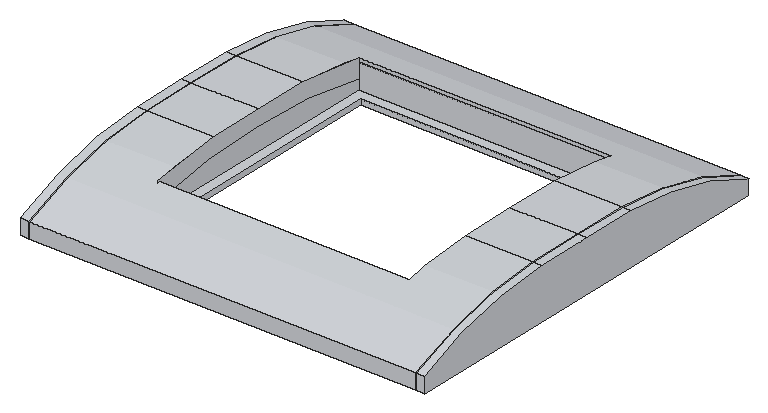
Revit family "Gira_021185", category Electrical Fixtures, host Face, Revit 2017
Family settings
  Host = Face
  Maintain Annotation Orientation = No
  Round Connector Dimension = Use Diameter
  Part Type = Normal
  Cut with Voids When Loaded = No
  Shared = No
  Room Calculation Point = No
Parameters (values of type "Cov.fr. 1-g interm.fr. AN Gira Event Opaque mint")
  With mounting grid = "No"
  With hinged lid = "No"
  URL = "http://katalog.gira.de/en/datenblatt.html?artikelnr=021185"
  Type of fastening = "Clamp mounting"
  Transparent = "No"
  Surface protection = "Other"
  Suitable for wall duct = "No"
  Suitable for flush-mounted installation = "Yes"
  Suitable for floor box = "No"
  Suitable for built-in installation = "No"
  Number of units vertical = "1"
  Number of units horizontal = "1"
  Number of units = "1"
  Name = "Cov.fr. 1-g interm.fr. AN Gira Event Opaque mint"
  Mounting direction = "Horizontal and vertical"
  Material quality = "Thermoplastic"
  Material = "Plastic"
  Manufacturer URL = "https://www.gira.de/"
  Manufacturer = "Gira"
  Label space/information surface = "No"
  Keynote = ""
  HeinzeBIM = "https://bimportal.heinze.de/bim/cov-fr-1-g-interm-fr-an-gira-event-opaque-mint/70f21b55b2cb7970984741b8d775a7b1e241b31f"
  Halogen free = "Yes"
  HAN = "021185"
  GTIN = "4010337211853"
  Description = "Cov.fr.1g i.fr.AN EvOp MI,Gira Event Opaque frames,mint with anthracite intermediate frame,1-gang,Features:,- Shatter-proof."
  Degree of protection (IP) = "IP20"
  Default Elevation = 1219.2 mm
  Data sheet (1) = "https://katalog.gira.de/en/download.html?artikelnr=021185"
  Colour = "Green"
  Category = "Cover frame for domestic switching devices"
  BIM (1) = "https://media.stage.bim.site/public/gira/36a6b08/Event_Rahmen_1fach.rfa"
  Available = "No"
Reference planes
  plane 1 "Center (Front/Back)": y = 0
  plane 2: z = 0
  plane 3 "Center (Left/Right)": x = 0
Forms (mm)
  Extrusion 1, solid, detail levels fine
    sketch origin (0, 0, 1.55) x (0, 1, 0) y (0, 0, 1)
      loop
        arc (12.445, 9.683) -> (6.223, 9.833) -> (0, 9.85) r 291.636
        arc (0, 9.85) -> (-6.223, 9.833) -> (-12.445, 9.683) r 291.636
        arc (-12.445, 9.683) -> (-29.14, 7.482) -> (-45, 1.823) r 79.728
        line (-45, 1.823) -> (-45, -1.55) -> (-41.777, -1.55) -> (-41.777, -0.55)
        arc (-41.777, -0.55) -> (-21.205, 4.846) -> (0, 6.467) r 118.15
        arc (0, 6.467) -> (21.205, 4.846) -> (41.777, -0.55) r 118.15
        line (41.777, -0.55) -> (41.777, -1.55) -> (45, -1.55) -> (45, 1.823)
        arc (45, 1.823) -> (29.14, 7.482) -> (12.445, 9.683) r 79.728
    from -43 to 43
  Extrusion 2, void, detail levels fine
    sketch origin (0, 0, 0) x (1, 0, 0) y (0, 1, 0)
      loop
        line (-28, -28) -> (28, -28) -> (28, 28) -> (-28, 28) -> (-28, -28)
    from 2.85 to 12
  Extrusion 3, solid, detail levels coarse
    sketch origin (0, 0, 0) x (1, 0, 0) y (0, 1, 0)
      loop
        line (-45, 45) -> (-45, -45) -> (45, -45) -> (45, 45) -> (-45, 45)
    from 0 to 11.4
  Extrusion 4, solid, detail levels medium
    sketch origin (0, 0, 1.55) x (0, 1, 0) y (0, 0, 1)
      loop
        arc (12.445, 9.683) -> (6.223, 9.833) -> (0, 9.85) r 291.636
        arc (0, 9.85) -> (-6.223, 9.833) -> (-12.445, 9.683) r 291.636
        arc (-12.445, 9.683) -> (-29.14, 7.482) -> (-45, 1.823) r 79.728
        line (-45, 1.823) -> (-45, -1.55) -> (45, -1.55) -> (45, 1.823)
        arc (45, 1.823) -> (29.14, 7.482) -> (12.445, 9.683) r 79.728
    from -45 to 45
  Extrusion 5, solid, detail levels fine
    sketch origin (0, 0, 0) x (0, 1, 0) y (0, 0, 1)
      loop
        arc (45, 3.373) -> (29.14, 9.032) -> (12.445, 11.233) r 79.728
        arc (12.445, 11.233) -> (6.223, 11.383) -> (0, 11.4) r 291.636
        arc (0, 11.4) -> (-6.223, 11.383) -> (-12.445, 11.233) r 291.636
        arc (-12.445, 11.233) -> (-29.14, 9.032) -> (-45, 3.373) r 79.728
        line (-45, 3.373) -> (-45, 0) -> (45, 0) -> (45, 3.373)
    from 43 to 45
  Extrusion 6, solid, detail levels fine
    sketch origin (0, 0, 0) x (0, 1, 0) y (0, 0, -1)
      loop
        line (45, -3.373) -> (45, 0) -> (-45, 0) -> (-45, -3.373)
        arc (-45, -3.373) -> (-29.14, -9.032) -> (-12.445, -11.233) r 79.728
        arc (-12.445, -11.233) -> (-6.223, -11.383) -> (0, -11.4) r 291.636
        arc (0, -11.4) -> (6.223, -11.383) -> (12.445, -11.233) r 291.636
        arc (12.445, -11.233) -> (29.14, -9.032) -> (45, -3.373) r 79.728
    from 43 to 45
  Extrusion 7, solid, detail levels fine
    sketch origin (0, 0, 0) x (1, 0, 0) y (0, 1, 0)
      loop
        line (-25.7, 25.7) -> (-25.7, -25.7) -> (25.7, -25.7) -> (25.7, 25.7) -> (-25.7, 25.7)
      loop
        line (-29.495, 27.895) -> (-29.495, -27.895)
        spline (-29.495, -27.895) -> (-29.486, -28.025) -> (-29.461, -28.154) -> (-29.419, -28.278) -> (-29.361, -28.395) -> (-29.288, -28.504) -> (-29.202, -28.602) -> (-29.104, -28.688) -> (-28.995, -28.761) -> (-28.878, -28.819) -> (-28.754, -28.861) -> (-28.625, -28.886) -> (-28.495, -28.895)
        line (-28.495, -28.895) -> (28.495, -28.895)
        spline (28.495, -28.895) -> (28.625, -28.886) -> (28.754, -28.861) -> (28.878, -28.819) -> (28.995, -28.761) -> (29.104, -28.688) -> (29.202, -28.602) -> (29.288, -28.504) -> (29.361, -28.395) -> (29.419, -28.278) -> (29.461, -28.154) -> (29.486, -28.025) -> (29.495, -27.895)
        line (29.495, -27.895) -> (29.495, 27.895)
        spline (29.495, 27.895) -> (29.486, 28.025) -> (29.461, 28.154) -> (29.419, 28.278) -> (29.361, 28.395) -> (29.288, 28.504) -> (29.202, 28.602) -> (29.104, 28.688) -> (28.995, 28.761) -> (28.878, 28.819) -> (28.754, 28.861) -> (28.625, 28.886) -> (28.495, 28.895)
        line (28.495, 28.895) -> (-28.495, 28.895)
        spline (-28.495, 28.895) -> (-28.625, 28.886) -> (-28.754, 28.861) -> (-28.878, 28.819) -> (-28.995, 28.761) -> (-29.104, 28.688) -> (-29.202, 28.602) -> (-29.288, 28.504) -> (-29.361, 28.395) -> (-29.419, 28.278) -> (-29.461, 28.154) -> (-29.486, 28.025) -> (-29.495, 27.895)
    from 1.673 to 8.5
Cuts and joins
  Extrusion 2 cuts Extrusion 1
  Extrusion 2 cuts Extrusion 7
Dimensions and locks
  aligned and locked: plane 2 to host face
  aligned and locked: level to host face
